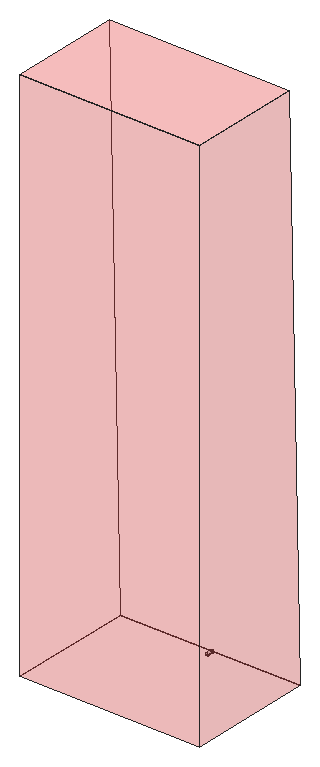
Revit family "Sensor-Lutron-Wall-Radio_Powr_Savr-Vacancy-LRF2-VKLB-P-WH", category Lighting Devices, host Face, Revit 2021
Family settings
  Host = Face
  Maintain Annotation Orientation = No
  Round Connector Dimension = Use Diameter
  Part Type = Normal
  OmniClass Number = 23.85.80.11.27
  OmniClass Title = Lighting Controls
  Cut with Voids When Loaded = No
  Shared = No
  Room Calculation Point = No
Parameters (values of type "LRF2-VKLB-P-WH")
  Width = 1.80"  # constant formula
  Warranty URL = "https://www.lutron.com/en-US/Service-Support/Pages/Service/Warranty/Warranty.aspx"
  Voltage Comment = "Operating Voltage: 3 V"  # constant formula
  Voltage = 3 V  # constant formula
  Video Link = "https://www.youtube.com/user/LutronElectronicsInc"
  Version = "2021 - v1.0a"  # constant formula
  URL = "http://www.lutron.com"
  Support Phone = "(224) 699-9545"  # constant formula
  Support Email = "mailto:support@bimsmith.com"
  Series = "Radio Powr Savr"  # constant formula
  Sensor Type = "Vacancy"  # constant formula
  Recommended Mounting Height [instance] = "Recommended mounting height 6–8ft (1.8–2.4 m) from floor"  # constant formula
  Product Page URL = "https://www.lutron.com/en-US/Products/Pages/Sensors/Occupancy-Vacancy/WirelessRadioPowrSavr/Overview.aspx"
  Product Name = "Radio Powr Savr Wireless Vacancy Wall-Mount Sensor"  # constant formula
  Product Documentation Link = "https://assets.lutron.com/a/documents/Spec_Sheet_369481a_ENG.pdf"
  Power Factor = 1
  Performance URL = "https://www.lutron.com/en-US/Service-Support/Pages/Technical/PerfomanceSpecs.aspx"
  Number of Poles = 1
  Model = "LRF2-VKLB-P-WH"  # constant formula
  Minor Motion Coverage Range = "1500 ft2 (139.4 m2)"  # constant formula
  Minor Motion Area Visibility [instance] = yes
  Minimum Operating Temperature = "32 °F / 0 °C"  # constant formula
  Maximum Operating Temperature = "104 °F / 40 °C"  # constant formula
  Material = ""
  Manufacturer Phone Number = "610-282-3800"  # constant formula
  Manufacturer Fax Number = "610-282-1243"  # constant formula
  Manufacturer Email = "mailto:support@lutron.com"
  Manufacturer Address = "7200 Suter Rd, Coopersburg, PA 18036"  # constant formula
  Manufacturer = "Lutron Electronics Co., Inc"  # constant formula
  Major Motion Coverage Range = "3000 ft2 (278.7 m2)"  # constant formula
  Major Motion Area Visibility [instance] = yes
  Length = 4.35"  # constant formula
  Keynote = "16500"
  Instruction Sheet Link = "https://assets.lutron.com/a/documents/041750.pdf"
  Infrared Coverage Visibility [instance] = yes
  Finish = Plastic - Lutron - White
  Field of View = 90.00°  # constant formula
  Description = "Wall-mounted occupancy and vacancy sensor"  # constant formula
  Depth = 1.35"  # constant formula
  Default Elevation = 48.00"
  Coverage Area = "Minor Motion (36 ft x 48 ft) - Major Motion (50 ft x 60 ft)"  # constant formula
  Coverage = 2500.00 SF  # constant formula
  Cost Info = "mailto:sales@lutron.com"
  Copyright = "© 2022 Lutron Electronics Co., Inc."  # constant formula
  CP Right [instance] = 60.00"
  CP Length [instance] = 360.00"
  CP Left [instance] = 60.00"
  CP Height [instance] = 84.00"
  C Minor Motion Visibility [instance] = and(Minor Motion Area Visibility, Infrared Coverage Visibility)  # yes
  C Major Motion Visibility [instance] = and(Major Motion Area Visibility, Infrared Coverage Visibility)  # yes
  Assembly Code = "D5030800"
Reference planes (in)
  plane 1 "Center (Front/Back)": y = 0
  plane 2: z = 0
  plane 3 "Center (Left/Right)": x = 0
  plane 4: x = -0.9
  plane 5: x = 0.9
  plane 6: y = 2.175
  plane 7: y = -2.175
  plane 8: z = 1.35
  plane 9 "TOP": z = 1.32979
  plane 10: y = 1.06591
  plane 11: y = -82.93409
  plane 12: z = 361.32979
  plane 13: x = 60
  plane 14: x = -60
Forms (in)
  Extrusion 1, solid, material "Plastic - Lutron - White" <- "Finish"
    sketch origin (0, 0, 0.01105) x (1, 0, 0) y (0, 0, 1)
      loop
        line (-0.9, 0.23642) -> (-0.72029, 0.05671) -> (0, 0.05671) -> (0.72029, 0.05671) -> (0.9, 0.23642) -> (0.87482, 0.62496)
        arc (0.87482, 0.62496) -> (0, 1.33895) -> (-0.87482, 0.62496) r 0.89293
        line (-0.87482, 0.62496) -> (-0.9, 0.23642)
    from -2.175 to 2.175
  Extrusion 2, solid, material "Plastic - Lutron - White" <- "Finish"
    sketch origin (0, 0, 0) x (1, 0, 0) y (0, 0, 1)
      loop
        line (-0.37877, 0) -> (0.37877, 0) -> (0.44653, 0.06776) -> (-0.44653, 0.06776) -> (-0.37877, 0)
    from 0.05705 to 1.98553
  Extrusion 3, void
    sketch origin (0, 0, 0) x (0, 1, 0) y (0, 0, 1)
      loop
        line (2.175, 0.24747) -> (2.09246, 0.24747) -> (2.09246, 0) -> (2.175, 0) -> (2.175, 0.24747)
      loop
        line (-1.86434, -0.05342) -> (-2.175, 0.25724) -> (-2.11773, 1.35) -> (-2.27227, 1.35) -> (-2.27227, -0.05342) -> (-1.86434, -0.05342)
      loop
        line (-0.05705, 0.06776) -> (-0.21786, -0.09304) -> (-0.05705, -0.09304) -> (-0.05705, 0.06776)
    from -3.70444 to 12
  Extrusion 4, void
    sketch origin (0, 0, 0.01105) x (1, 0, 0) y (0, 0, 1)
      loop
        line (-0.7602, 0.91444) -> (-0.70912, 0.88297)
        arc (-0.70912, 0.88297) -> (0, 1.27895) -> (0.70912, 0.88297) r 0.83293
        line (0.70912, 0.88297) -> (0.7602, 0.91444)
        arc (0.7602, 0.91444) -> (0, 1.33895) -> (-0.7602, 0.91444) r 0.89293
    from -1.6981 to -0.47853
  Extrusion 5, solid, material "Plastic - Lutron - White" <- "Finish"
    sketch origin (0, 1.6981, 0.01105) x (1, 0, 0) y (0, 0, 1)
      loop
        arc (-0.70912, 0.88297) -> (0, 1.27895) -> (0.70912, 0.88297) r 0.83293
        line (0.70912, 0.88297) -> (0.74317, 0.90395)
        arc (0.74317, 0.90395) -> (0, 1.31895) -> (-0.74317, 0.90395) r 0.87293
        line (-0.74317, 0.90395) -> (-0.70912, 0.88297)
    from 0 to 1.21957
  Revolve 6, solid, material "Plastic - Lutron - White" <- "Finish"
    sketch origin (0, 0.31074, 0) x (1, 0, 0) y (0, 0, 1)
      loop
        line (0, 0.06776) -> (0, 0) -> (0.07003, 0) -> (0.07003, 0.06776) -> (0, 0.06776)
      axis (0, 0.06776) -> (0, 0)
    angle from 0 to 360
  Revolve 7, solid, material "Plastic - Lutron - White" <- "Finish"
    sketch origin (0.33872, 0.31074, 0) x (1, 0, 0) y (0, 0, 1)
      loop
        line (0, 0.06776) -> (0, 0) -> (0.07003, 0) -> (0.07003, 0.06776) -> (0, 0.06776)
      axis (0, 0.06776) -> (0, 0)
    angle from 0 to 360
  Revolve 8, solid, material "Plastic - Lutron - White" <- "Finish"
    sketch origin (-0.33872, 0.31074, 0) x (-1, 0, 0) y (0, 0, -1)
      loop
        line (0, -0.06776) -> (0.07003, -0.06776) -> (0.07003, 0) -> (0, 0) -> (0, -0.06776)
      axis (0, -0.06776) -> (0, 0)
    angle from 0 to 360
Cuts and joins
  Extrusion 3, Extrusion 4 cuts Extrusion 1
  Extrusion 3 cuts Extrusion 2
Dimensions and locks (in)
  equal spacing: plane 6, plane 1 "Center (Front/Back)", plane 7
  equal spacing: plane 4, plane 3 "Center (Left/Right)", plane 5
  "CP Height": plane 10 to plane 11
  "CP Length": plane 9 "TOP" to plane 12
  "CP Left": plane 3 "Center (Left/Right)" to plane 14
  "CP Right": plane 13 to plane 3 "Center (Left/Right)"
  "Width": plane 4 to plane 5
  "Length": plane 6 to plane 7
  "Depth": plane 8 to host face
  aligned and locked: plane 2 to host face
  aligned and locked: level to host face
  aligned and locked: nested 1 to plane 3 "Center (Left/Right)"
  aligned and locked: plane 6 to Extrusion 1
  aligned and locked: Extrusion 1 to plane 7
Automatic sketch dimensions
  host sketch curve to host sketch curve = 96.00"  (x2)
  Extrusion 1 sketch curve to plane 4 = 0.00"
  Extrusion 1 sketch curve to plane 3 "Center (Left/Right)" = 0.00"  (x2)
  Extrusion 1 sketch curve to plane 5 = 0.00"
  plane 4 to Extrusion 1 sketch curve = 0.02518"
  level to Extrusion 1 sketch curve = 0.06776"
  plane 4 to Extrusion 1 sketch curve = 0.17971"
  Extrusion 1 sketch curve to plane 5 = 0.17971"
  Extrusion 1 sketch curve to plane 5 = 0.02518"
  level to Extrusion 1 sketch curve = 0.24747"  (x2)
  Extrusion 1 sketch curve to Extrusion 1 sketch curve = 0.38931"
  Extrusion 2 sketch curve to level = 0.00"
  level to Extrusion 2 sketch curve = 0.06776"
  Extrusion 2 sketch curve to plane 3 "Center (Left/Right)" = 0.44653"
  Extrusion 2 sketch curve to Extrusion 2 sketch curve = 0.06776"  (x2)
  plane 3 "Center (Left/Right)" to Extrusion 2 sketch curve = 0.37877"
  Extrusion 3 sketch curve to plane 8 = 0.00"
  Extrusion 3 sketch curve to plane 7 = 0.00"
  Extrusion 3 sketch curve to level = 0.00"
  Extrusion 3 sketch curve to plane 6 = 0.00"
  Extrusion 3 sketch curve to plane 7 = 0.09727"
  plane 7 to Extrusion 3 sketch curve = 0.05727"
  Extrusion 3 sketch curve to level = 0.05342"
  plane 7 to Extrusion 3 sketch curve = 0.31066"
  Extrusion 3 sketch curve to level = 0.09304"
  plane 1 "Center (Front/Back)" to Extrusion 3 sketch curve = 0.21786"
  plane 1 "Center (Front/Back)" to Extrusion 3 sketch curve = 0.05705"
  Extrusion 3 sketch curve to plane 6 = 0.08254"
  level to Extrusion 3 sketch curve = 0.06776"
  level to Extrusion 3 sketch curve = 0.24747"
  level to Extrusion 3 sketch curve = 0.25724"
  Extrusion 4 sketch curve to Extrusion 4 sketch curve = 0.00"  (x2)
  Extrusion 4 sketch curve to plane 3 "Center (Left/Right)" = 0.00"
  plane 4 to Extrusion 4 sketch curve = 0.19088"
  Extrusion 4 sketch curve to Extrusion 4 sketch curve = 0.05108"  (x2)
  level to Extrusion 4 sketch curve = 0.45707"
  Extrusion 4 to Extrusion 5 sketch curve = 0.00"  (x2)
  Extrusion 5 sketch curve to Extrusion 4 = 0.00"  (x2)
  Revolve 6 sketch curve to plane 3 "Center (Left/Right)" = 0.00"  (x2)
  Revolve 6 sketch curve to level = 0.00"
  plane 3 "Center (Left/Right)" to Revolve 6 sketch curve = 0.07003"
  Revolve 6 sketch curve to Revolve 6 sketch curve = 0.06776"
  Revolve 6 sketch curve to level = 0.06782"
  Revolve 6 sketch curve to Revolve 6 sketch curve = 0.11442"
  Revolve 7 sketch curve to level = 0.00"
  level to Revolve 7 sketch curve = 0.06776"
  plane 3 "Center (Left/Right)" to Revolve 7 sketch curve = 0.33872"
  Revolve 7 sketch curve to Revolve 7 sketch curve = 0.07003"
  Revolve 7 sketch curve to Revolve 7 sketch curve = 0.00"
  Revolve 7 sketch curve to Revolve 7 sketch curve = 0.06782"
  Revolve 7 sketch curve to Revolve 7 sketch curve = 0.11442"
  Revolve 8 sketch curve to level = 0.00"
  level to Revolve 8 sketch curve = 0.06776"
  Revolve 8 sketch curve to plane 3 "Center (Left/Right)" = 0.33872"
  Revolve 8 sketch curve to Revolve 8 sketch curve = 0.07003"
  Revolve 8 sketch curve to Revolve 8 sketch curve = 0.00"
  Revolve 8 sketch curve to Revolve 8 sketch curve = 0.11442"
  Revolve 8 sketch curve to Revolve 8 sketch curve = 0.06782"
  Extrusion 1 sketch curve to Extrusion 1 sketch curve = 0.38854"
  Extrusion 4 sketch curve to plane 5 = 0.19088"
  plane 9 "TOP" to Extrusion 4 sketch curve = 0.43577"
  Extrusion 4 sketch curve to Extrusion 4 sketch curve = 0.03148"
  radius of Extrusion 5 sketch curve to Extrusion 4 = 0.00"
  radius of Extrusion 5 sketch curve to Extrusion 4 = 0.02"
Nested families (in)
  nested 1: "Nested_Hallway Coverage" at (0, 1.06591, 1.32979), CP Cut Height <- "CP Height", CP Front <- "CP Length", CP Left <- "CP Left", CP Right <- "CP Right", visible <- "Infrared Coverage Visibility", type "Default"
    with CP Right Safe 60.00", CP Right 60.00", CP Left Safe 60.00", CP Left 60.00", CP Front Safe 360.00", CP Front 360.00", CP Cut Height 84.00", CP Back Safe 72.00", CP Back 72.00", C Cut Height Safe 84.00"
Connectors (in)
  electrical at (0, -1.02129, 0), driven by "Voltage", driven by "Power Factor", driven by "Number of Poles"
    settings: on cut or joined group of Extrusion 2, Extrusion 3, index 1, voltage 3 V, apparent load 0 VA, apparent load phase1 0 VA, apparent load phase2 0 VA, apparent load phase3 0 VA, power factor 1, load classification "Other", number of poles 1, system type 13, power factor state 1, is connector primary yes, connector utility no, sub classification motor no, connector description "Control Connector"
Definition of nested family "Nested_Hallway Coverage"
  Parameters (values of type "Default")
    Width = 312.00"  # constant formula
    Minor Motion Visibility = yes
    Major Motion Visibility = yes
    Default Elevation = 48.00"
    CP Right Safe [instance] = if(or(CP Right < 0.00", CP Right = 0.00"), 1.19922", if(CP Right > 300.00", 300.00", CP Right))  # 300.00"
    CP Right [instance] = 3600.00"
    CP Left Safe [instance] = if(or(CP Left < 0.00", CP Left = 0.00"), 1.19922", if(CP Left > 300.00", 300.00", CP Left))  # 300.00"
    Height = 144.00"  # constant formula
    CP Left [instance] = 3600.00"
    CP Front Safe [instance] = if(or(CP Front < 0.00", CP Front = 0.00"), 1.19922", if(CP Front > 720.00", 720.00", CP Front))  # 720.00"
    CP Cut Height [instance] = 114.00"
    CP Front [instance] = 3600.00"
    CP Back [instance] = 3600.00"
    C Cut Height Safe [instance] = if(or(CP Cut Height < 0.00", CP Cut Height = 0.00"), 1.19922", if(CP Cut Height < 84.00", 84.00", if(CP Cut Height > 156.00", 156.00", CP Cut Height)))  # 114.00"
    CP Back Safe [instance] = CP Back  # 3600.00"
    Blindspot Angle = 20.00°
  Reference planes (in)
    plane 1 "Center (Front/Back)": y = 0
    plane 2: z = 0
    plane 3 "Center (Left/Right)": x = 0
    plane 4: z = 720
    plane 5: x = 300
    plane 6: x = -300
    plane 7: x = -216
    plane 8: z = 576
    plane 9: x = 216
    plane 10: y = -114
  Forms (in)
    Extrusion 1, solid, visible <- "Minor Motion Visibility"
      sketch origin (0, 0, 0) x (1, 0, 0) y (0, 0, 1)
        loop
          line (216, 576) -> (-216, 576) -> (-216, 0) -> (216, 0) -> (216, 576)
      from 0 to 254.23698
    Extrusion 2, solid, visible <- "Major Motion Visibility"
      sketch origin (0, 0, 0) x (1, 0, 0) y (0, 0, 1)
        loop
          line (216, 576) -> (216, 0) -> (300, 0) -> (300, 720) -> (-300, 720) -> (-300, 0) -> (-216, 0) -> (-216, 576) -> (216, 576)
      from 0 to 156
    Extrusion 3, void
      sketch origin (0, 0, 0) x (0, 1, 0) y (0, 0, 1)
        loop
          line (0, 0) -> (0, 720) -> (-18, 720) -> (0, 0)
      from -300 to 300
    Extrusion 4, void
      sketch origin (0, 0, 0) x (1, 0, 0) y (0, 0, 1)
        loop
          line (-570, 978) -> (-570, 0) -> (-300, 0) -> (-300, 720) -> (300, 720) -> (300, 0) -> (558, 0) -> (558, 978) -> (-570, 978)
      from -168.80251 to 229.17334
    Extrusion 5, void
      sketch origin (0, 0, 0) x (0, 1, 0) y (0, 0, 1)
        loop
          line (-114, 0) -> (-114, 720) -> (-798, 720) -> (-798, 0) -> (-114, 0)
      from -1677.6569 to 1242.2336
  Cuts and joins
    Extrusion 3, Extrusion 4, Extrusion 5 cuts Extrusion 1
    Extrusion 3, Extrusion 4, Extrusion 5 cuts Extrusion 2
  Lines and regions (in)
    reference lines
      curve 1: line (-426.34801, 0, 720) -> (527.65199, 0, 720)
      curve 2: line (300, 0, 766.3494) -> (300, 0, -103.6506)
      curve 3: line (-300, 0, 778.24215) -> (-300, 0, -145.75785)
  Dimensions and locks (in)
    "CP Right Safe": curve 2 to plane 3 "Center (Left/Right)"
    "CP Left Safe": plane 3 "Center (Left/Right)" to curve 3
    "CP Front Safe": curve 1 to level
    "C Cut Height Safe": plane 1 "Center (Front/Back)" to plane 10
    curve 3 to cut or joined group of Extrusion 1, Extrusion 3, Extrusion 4, Extrusion 5 = 254.23698"
    plane 4 to level = 720.00"
    aligned and locked: level to plane 2
    aligned and locked: curve 1 to Extrusion 4 sketch curve
    aligned and locked: Extrusion 4 sketch curve to curve 3
    aligned and locked: Extrusion 4 sketch curve to level
    aligned and locked: curve 2 to Extrusion 4 sketch curve
    aligned and locked: Extrusion 5 sketch curve to plane 4
    aligned and locked: level to Extrusion 5 sketch curve
    aligned and locked: Extrusion 5 to plane 10
  Automatic sketch dimensions
    Extrusion 1 sketch curve to plane 7 = 0.00"
    Extrusion 1 sketch curve to level = 0.00"
    Extrusion 1 sketch curve to plane 9 = 0.00"
    Extrusion 1 sketch curve to plane 8 = 0.00"
    Extrusion 2 sketch curve to level = 0.00"  (x2)
    Extrusion 2 sketch curve to plane 6 = 0.00"
    Extrusion 2 sketch curve to plane 7 = 0.00"
    Extrusion 2 sketch curve to plane 9 = 0.00"
    Extrusion 2 sketch curve to plane 5 = 0.00"
    Extrusion 2 sketch curve to plane 8 = 0.00"
    Extrusion 2 sketch curve to plane 4 = 0.00"
    plane 10 to Extrusion 5 sketch curve = 684.00"
    Extrusion 4 sketch curve to level = 0.00"
    Extrusion 4 sketch curve to plane 6 = 270.00"
    plane 5 to Extrusion 4 sketch curve = 258.00"
    plane 4 to Extrusion 4 sketch curve = 258.00"
    Extrusion 3 sketch curve to plane 4 = 0.00"
    Extrusion 3 sketch curve to level = 0.00"
    Extrusion 3 sketch curve to plane 1 "Center (Front/Back)" = 0.00"
    Extrusion 3 sketch curve to Extrusion 3 sketch curve = 18.00"
    plane 10 to Extrusion 5 sketch curve = 0.00"
    curve 1 to plane 6 = 126.34801"
    plane 5 to curve 1 = 227.65199"
    curve 2 to level = 103.6506"
    curve 3 to level = 145.75785"
    plane 4 to curve 2 = 46.3494"
    plane 4 to curve 3 = 58.24215"
